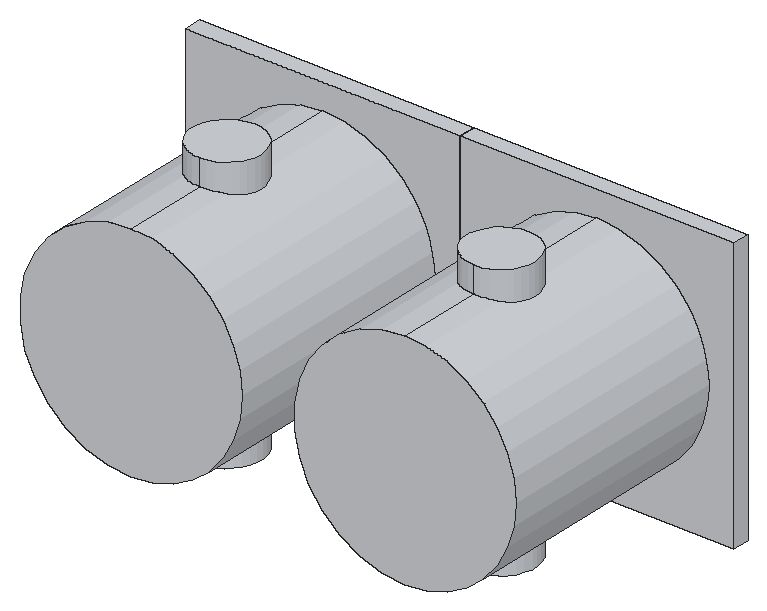
Revit family "EI_Steckdose_2fach_V1700", category Elektroinstallationen, Revit 2017
Family settings
  Beschriftungsausrichtung beibehalten = Nein
  Bemaßung runder Anschluss = Durchmesser verwenden
  Teiletyp = Normal
  OmniClass-Nummer = 23.80.50.11.17
  OmniClass-Titel = Ground Fault Receptacles
  Arbeitsebenenbasiert = Nein
  Immer vertikal = Ja
  Beim Laden mit Abzugskörper schneiden = Ja
  Gemeinsam genutzt = Nein
  Raumberechnungspunkt = Nein
Parameters (values of type "UFK")
  pbr_Material_KZ = ""
  pbr_Material = none
  pbr_E_Typ = ""
  pbr_E_KZ = ""
  pbr_DINBild = 0
  pbr_Bild = 0
  pbr_3Dx_Delta_Korrekturversatz [instance] = 0 mm
  pbr_3DX_Versatzfaktor [instance] = 0
  pbr_2DY_Versatzfaktor [instance] = 0
  pbr_2DX_Versatzfaktor [instance] = 0
  cpiFitMatchKey [instance] = "E-ST-2fach-1-UNT"
  Zentrale [instance] = ""
  Wirkleistung [instance] = 0 W
  UFK [instance] = yes
  Typ [instance] = ""
  Text3 [instance] = ""
  Text2 [instance] = ""
  Text1 [instance] = ""
  Steckdose 2-fach UFK = yes
  Steckdose 2-fach EDV schaltbar = no
  Steckdose 2-fach EDV UFK = no
  Steckdose 2-fach EDV BRK = no
  Steckdose 2-fach EDV = no
  Steckdose 2-fach BRK = no
  Steckdose 2-fach = no
  Spannung [instance] = 0
  Scheinleistung [instance] = 0 VA
  Schaltgruppe2 [instance] = 0
  Schaltgruppe1 [instance] = 0
  Polig [instance] = 1
  Planungsbüro Rohling = "www.pbr.de"
  Nennstrom [instance] = 0
  Menge(Dosenzahl) [instance] = 2
  Linie/Anschluss [instance] = ""
  Leistungsfaktor [instance] = 0
  Lastklassifizierung = none
  Installationsart [instance] = ""
  Info [instance] = ""
  Gleichzeitigkeitsfaktor3 [instance] = 0
  Gleichzeitigkeitsfaktor2 [instance] = 0
  Gleichzeitigkeitsfaktor1 [instance] = 0
  Gewerk [instance] = "Steck"
  Eckversatz [instance] = 0 mm
  YFrontversatz [instance] = if(pbr_2DY_Versatzfaktor = 300, 0 mm, pbr_2DY_Versatzfaktor * 300 mm)  # 0 mm
  XSeitenversatz [instance] = if(pbr_2DX_Versatzfaktor = 0, 3000 mm, 3000 mm + (pbr_2DX_Versatzfaktor * 300 mm)) + Eckversatz  # 3000 mm
  X3Dversatz [instance] = if([3DX_Versatzkontrolle] = 0, 2000 mm, 2000 mm + ([3DX_Versatzkontrolle] * (300 mm - 80 mm))) + pbr_3Dx_Delta_Korrekturversatz  # 2000 mm
  Steckdosenradius = 20 mm
  R_Leerrohranschluss = 10 mm
  Niveau [instance] = 300 mm
  Dosentiefe = 70 mm  # constant formula
  Dosenradius = 65 mm / 2  # 32.5 mm
  D_Leerrohranschluss = 2 * R_Leerrohranschluss  # 20 mm
  BRK [instance] = no
  Anlaufstrom [instance] = 0
  3DX_Versatzkontrolle [instance] = if(pbr_3DX_Versatzfaktor = 0, (pbr_2DX_Versatzfaktor * -1), (((-1 * pbr_3DX_Versatzfaktor) + pbr_2DX_Versatzfaktor) * -1))  # 0
  Platzierrahmen [instance] = no
Types (7, lengths in mm): name | UFK | Steckdose 2-fach UFK | Steckdose 2-fach EDV schaltbar | Steckdose 2-fach EDV UFK | Steckdose 2-fach EDV BRK | Steckdose 2-fach EDV | Steckdose 2-fach BRK | Steckdose 2-fach | BRK
  allgemein | no | no | no | no | no | no | no | yes | no
  BRK | no | no | no | no | no | no | yes | no | yes
  EDV | no | no | no | no | no | yes | no | no | no
  EDV_BRK | no | no | no | no | yes | no | no | no | yes
  EDV_schaltbar | no | no | yes | no | no | no | no | no | no
  EDV_UFK | yes | no | no | yes | no | no | no | no | no
  UFK | yes | yes | no | no | no | no | no | no | no
Reference planes
  plane 1 "Mitte (Vorne/Hinten)": y = 0
  plane 2: z = 0
  plane 3 "Mitte (Links/Rechts)": x = 0
  plane 4: x = -125
  plane 5: x = 125
  plane 6: y = 300
  plane 7 "Schalterhinten": y = 0
  plane 8: x = -3000
  plane 9: x = 0
  plane 10: x = -2000
  plane 11: x = -40
  plane 12 "3DSchalterMitte": x = 40
  plane 13: z = 340
  plane 14: z = 260
  plane 15 "SchalterVorne": y = 5
  plane 16 "3DSchalterLinks": x = 0
  plane 17: z = 300
  plane 18: y = -70
  plane 19: y = -35
  plane 20: x = 120
  plane 21 "3DSchalterRechts": x = 80
  plane 22: y = 181
Forms (mm)
  Extrusion 1, solid
    sketch origin (0, 20, 0) x (0, 0, 1) y (-1, 0, 0)
      loop
        line (260, 40) -> (260, -40) -> (340, -40) -> (340, 40) -> (260, 40)
    from 15 to 20
  Sweep 2, solid
    path origin (0, 0, 0) x (0, 0, 1) y (0, -1, 0)
      loop
        line (300, 0) -> (300, 70)
    profile origin (0, -35, 300) x (0, 0, -1) y (1, 0, 0)
      loop
        circle (0, 0) r 32.5
  Sweep 3, solid
    path origin (0, 0, 0) x (0, 0, 1) y (0, -1, 0)
      loop
        line (260, 35) -> (340, 35)
    profile origin (0, -35, 300) x (0, -1, 0) y (1, 0, 0)
      loop
        circle (0, 0) r 10
  Sweep 4, void
    path origin (0, -35, 300) x (0, -1, 0) y (1, 0, 0)
      loop
        line (-35, 0) -> (-40, 0)
    profile origin (0, 2.5, 300) x (-1, 0, 0) y (0, 0, 1)
      loop
        circle (0, 0) r 20
  Extrusion 5, solid
    sketch origin (80, 20, 0) x (0, 0, 1) y (-1, 0, 0)
      loop
        line (260, 40) -> (260, -40) -> (340, -40) -> (340, 40) -> (260, 40)
    from 15 to 20
  Sweep 6, solid
    path origin (80, 0, 0) x (0, 0, 1) y (0, -1, 0)
      loop
        line (300, 0) -> (300, 70)
    profile origin (80, -35, 300) x (0, 0, -1) y (1, 0, 0)
      loop
        circle (0, 0) r 32.5
  Sweep 7, solid
    path origin (80, 0, 0) x (0, 0, 1) y (0, -1, 0)
      loop
        line (260, 35) -> (340, 35)
    profile origin (80, -35, 300) x (0, -1, 0) y (1, 0, 0)
      loop
        circle (0, 0) r 10
  Sweep 8, void
    path origin (0, -35, 300) x (0, -1, 0) y (1, 0, 0)
      loop
        line (-35, 80) -> (-40, 80)
    profile origin (80, 2.5, 300) x (-1, 0, 0) y (0, 0, 1)
      loop
        circle (0, 0) r 20
Cuts and joins
  Sweep 4, Sweep 8 cuts Extrusion 1
  Sweep 8 cuts Sweep 2
  Sweep 8 cuts Sweep 3
  joined: Extrusion 1, Sweep 2, Sweep 3
  Sweep 8 cuts Extrusion 5
  Sweep 8 cuts Sweep 6
  joined: Extrusion 5, Sweep 6, Sweep 7
Lines and regions (mm)
  model lines, visible <- "Platzierrahmen"
    curve 1: line (-125, 0, 0) -> (125, 0, 0)
    curve 2: line (-125, 300, 0) -> (-125, 0, 0)
    curve 3: line (125, 300, 0) -> (-125, 300, 0)
    curve 4: line (125, 0, 0) -> (125, 300, 0)
Dimensions and locks
  plane 4 to plane 5 = 250 mm
  plane 6 to plane 7 "Schalterhinten" = 300 mm
  equal spacing: plane 4, plane 9, plane 5, locked at 125 each
  "XSeitenversatz": plane 8 to plane 9
  plane 8 to plane 3 "Mitte (Links/Rechts)" = 3000 mm
  "YFrontversatz": plane 1 "Mitte (Vorne/Hinten)" to plane 7 "Schalterhinten"
  plane 13 to plane 14 = 80 mm
  plane 9 to plane 10 = 2000 mm
  equal spacing: plane 20, plane 21 "3DSchalterRechts", plane 12 "3DSchalterMitte", plane 16 "3DSchalterLinks", plane 11
  "X3Dversatz": plane 16 "3DSchalterLinks" to plane 10
  equal spacing: plane 13, plane 17, plane 14
  "Niveau": plane 17 to level
  "Dosentiefe": plane 1 "Mitte (Vorne/Hinten)" to plane 18
  plane 15 "SchalterVorne" to plane 1 "Mitte (Vorne/Hinten)" = 5 mm
  equal spacing: plane 18, plane 19, plane 1 "Mitte (Vorne/Hinten)"
  plane 13 to Sweep 4 sketch curve = 40 mm
  plane 20 to plane 11 = 160 mm
  locked: plane 6 to plane 22 at 119
  "Dosenradius": radius of Sweep 2 sketch curve
  "R_Leerrohranschluss": radius of Sweep 3 sketch curve
  "Steckdosenradius": radius of Sweep 4 sketch curve
  "Dosenradius": radius of Sweep 6 sketch curve
  "R_Leerrohranschluss": radius of Sweep 7 sketch curve
  "Steckdosenradius": radius of Sweep 8 sketch curve
  aligned and locked: level to plane 2
  aligned and locked: curve 2 to plane 4
  aligned and locked: curve 3 to plane 6
  aligned and locked: plane 5 to curve 4
  aligned and locked: plane 14 to Extrusion 1 sketch curve
  aligned and locked: Extrusion 1 sketch curve to plane 11
  aligned and locked: Extrusion 1 sketch curve to plane 13
  aligned and locked: plane 12 "3DSchalterMitte" to Extrusion 1 sketch curve
  aligned and locked: plane 1 "Mitte (Vorne/Hinten)" to Extrusion 1
  aligned and locked: Extrusion 1 to plane 15 "SchalterVorne"
  aligned and locked: plane 16 "3DSchalterLinks" to Sweep 4 sketch curve
  aligned and locked: Sweep 4 sketch curve to cut or joined group of Extrusion 1, Sweep 2, Sweep 3, Sweep 4, Sweep 8
  aligned and locked: plane 20 to Extrusion 5 sketch curve
  aligned and locked: nested 1 to plane 9
  aligned and locked: nested 1 to plane 7 "Schalterhinten"
  aligned and locked: nested 2 to plane 9
  aligned and locked: nested 2 to plane 7 "Schalterhinten"
  aligned and locked: nested 3 to plane 9
  aligned and locked: nested 3 to plane 7 "Schalterhinten"
  aligned and locked: nested 4 to plane 9
  aligned and locked: nested 4 to plane 7 "Schalterhinten"
  aligned and locked: nested 5 to plane 9
  aligned and locked: nested 5 to plane 7 "Schalterhinten"
  aligned and locked: nested 6 to plane 9
  aligned and locked: nested 6 to plane 7 "Schalterhinten"
  aligned and locked: nested 7 to plane 7 "Schalterhinten"
  aligned and locked: nested 7 to plane 9
  aligned and locked: plane 22 to nested 8
  aligned and locked: nested 8 to plane 9
  aligned and locked: plane 22 to nested 9
  aligned and locked: nested 9 to plane 9
Automatic sketch dimensions
  Sweep 3 sketch curve to plane 14 = 0 mm
  plane 13 to Sweep 3 sketch curve = 0 mm
  Sweep 3 sketch curve to plane 19 = 0 mm
  Sweep 3 sketch curve to plane 16 "3DSchalterLinks" = 0 mm
  Sweep 3 sketch curve to profile plane = 0 mm
  Extrusion 5 sketch curve to plane 14 = 0 mm
  Extrusion 5 sketch curve to plane 12 "3DSchalterMitte" = 0 mm
  Extrusion 5 sketch curve to plane 13 = 0 mm
  Sweep 7 sketch curve to profile plane = 0 mm  (x2)
  Sweep 7 sketch curve to plane 14 = 0 mm
  plane 13 to Sweep 7 sketch curve = 0 mm
  Sweep 7 sketch curve to plane 19 = 0 mm
  Sweep 2 sketch curve to plane 17 = 0 mm
  Sweep 2 sketch curve to plane 1 "Mitte (Vorne/Hinten)" = 0 mm
  Sweep 2 sketch curve to plane 18 = 0 mm
  Sweep 2 sketch curve to plane 16 "3DSchalterLinks" = 0 mm
  Sweep 2 sketch curve to profile plane = 0 mm
  plane 1 "Mitte (Vorne/Hinten)" to Sweep 4 sketch curve = 0 mm
  Sweep 6 sketch curve to plane 17 = 0 mm
  Sweep 6 sketch curve to plane 1 "Mitte (Vorne/Hinten)" = 0 mm
  Sweep 6 sketch curve to plane 18 = 0 mm
  Sweep 6 sketch curve to profile plane = 0 mm  (x2)
  plane 15 "SchalterVorne" to Sweep 8 sketch curve = 0 mm
  plane 1 "Mitte (Vorne/Hinten)" to Sweep 8 sketch curve = 0 mm
  Sweep 8 sketch curve to plane 21 "3DSchalterRechts" = 0 mm
  plane 7 "Schalterhinten" to curve 1 = 0 mm
  Sweep 4 sketch curve to profile plane = 0 mm
  Sweep 8 sketch curve to profile plane = 0 mm  (x2)
Nested families
  nested 1: "Steckdose 2-fach BRK" at (0, 0, 0), visible <- "Steckdose 2-fach BRK", type "Steckdose 2-fach BRK"
  nested 2: "Steckdose 2-fach EDV" at (0, 0, 0), visible <- "Steckdose 2-fach EDV", type "Steckdose 2-fach EDV"
  nested 3: "Steckdose 2-fach EDV BRK" at (0, 0, 0), visible <- "Steckdose 2-fach EDV BRK", type "Steckdose 2-fach EDV BRK"
  nested 4: "Steckdose 2-fach EDV schaltbar" at (0, 0, 0), visible <- "Steckdose 2-fach EDV schaltbar", type "Steckdose 2-fach EDV schaltbar"
  nested 5: "Steckdose 2-fach EDV UFK" at (0, 0, 0), visible <- "Steckdose 2-fach EDV UFK", type "Steckdose 2-fach EDV UFK"
  nested 6: "Steckdose 2-fach UFK" at (0, 0, 0), visible <- "Steckdose 2-fach UFK", type "Steckdose 2-fach UFK"
  nested 7: "Steckdose 2-fach" at (0, 0, 0), visible <- "Steckdose 2-fach", type "Steckdose 2-fach"
  nested 8: "BRK-zy" at (0, 181, 0), visible <- "BRK", type "BRK-zy"
  nested 9: "UFK" at (0, 181, 0), visible <- "UFK", type "UFK"
Connectors
  electrical at (0, -35, 340)
    settings: on cut or joined group of Extrusion 1, Sweep 2, Sweep 3, Sweep 4, Sweep 8, index 1, voltage 230 V, apparent load 0 VA, apparent load phase1 200 VA, apparent load phase2 0 VA, apparent load phase3 0 VA, power factor 1, load classification "Steckdose", number of poles 1, system type 30, power factor state 1, is connector primary yes, connector utility no, sub classification motor no, connector description ""
  cabletrayconduit at (0, -35, 340), diameter 20, driven by "D_Leerrohranschluss"
    settings: on cut or joined group of Extrusion 1, Sweep 2, Sweep 3, Sweep 4, Sweep 8, index 2, connector width 300 mm, connector height 300 mm, connector angle 0.00°, system type 32, placement type 0, profile type 0, connector reference index -1, is primary connector yes, connector utility param no, connector description ""
  cabletrayconduit at (0, -35, 260), diameter 20, driven by "D_Leerrohranschluss"
    settings: on cut or joined group of Extrusion 1, Sweep 2, Sweep 3, Sweep 4, Sweep 8, index 3, connector width 300 mm, connector height 300 mm, connector angle 0.00°, system type 32, placement type 0, profile type 0, connector reference index -1, is primary connector no, connector utility param no, connector description ""
  cabletrayconduit at (0, -35, 340), diameter 20, driven by "D_Leerrohranschluss"
    settings: on cut or joined group of Extrusion 1, Sweep 2, Sweep 3, Sweep 4, Sweep 8, index 4, connector width 300 mm, connector height 300 mm, connector angle 0.00°, system type 32, placement type 0, profile type 0, connector reference index -1, is primary connector no, connector utility param no, connector description ""
  cabletrayconduit at (0, -35, 260), diameter 20, driven by "D_Leerrohranschluss"
    settings: on cut or joined group of Extrusion 1, Sweep 2, Sweep 3, Sweep 4, Sweep 8, index 5, connector width 300 mm, connector height 300 mm, connector angle 0.00°, system type 32, placement type 0, profile type 0, connector reference index -1, is primary connector no, connector utility param no, connector description ""
Definition of nested family "Steckdose 2-fach BRK"
  Reference planes
    plane 1 "Mitte (Vorne/Hinten)": y = 0
    plane 2: z = 0
    plane 3 "Mitte (Links/Rechts)": x = 0
  Lines and regions (mm)
    detail lines, in view "Referenzebene"
      curve 1: arc (0, 300, 0) -> (108, 181.913, 0) -> (216, 300, 0) r 108.431
      curve 2: arc (-216, 300, 0) -> (-108, 181.913, 0) -> (0, 300, 0) r 108.431
      curve 3: line (216, 181.923, 0) -> (0, 181.923, 0)
      curve 4: line (0, 181.923, 0) -> (0, 0, 0)
      curve 5: line (-216, 181.923, 0) -> (0, 181.923, 0)
Definition of nested family "Steckdose 2-fach EDV"
  Reference planes
    plane 1 "Mitte (Vorne/Hinten)": y = 0
    plane 2: z = 0
    plane 3 "Mitte (Links/Rechts)": x = 0
  Lines and regions (mm)
    Filled region 1, type "Flächenfüllung Schwarz", in view "Referenzebene"
      outline origin (0, 0, 0) x (1, 0, 0) y (0, 1, 0)
        loop
          circle (-110, 236.904) r 40.025
        loop
          circle (110, 236.904) r 39.978
    detail lines, in view "Referenzebene"
      curve 1: arc (0, 300, 0) -> (108, 181.913, 0) -> (216, 300, 0) r 108.431
      curve 2: arc (-216, 300, 0) -> (-108, 181.913, 0) -> (0, 300, 0) r 108.431
      curve 3: line (216, 181.923, 0) -> (0, 181.923, 0)
      curve 4: line (0, 181.923, 0) -> (0, 0, 0)
      curve 5: line (-216, 181.923, 0) -> (0, 181.923, 0)
Definition of nested family "Steckdose 2-fach EDV BRK"
  Reference planes
    plane 1 "Mitte (Vorne/Hinten)": y = 0
    plane 2: z = 0
    plane 3 "Mitte (Links/Rechts)": x = 0
  Lines and regions (mm)
    Filled region 1, type "Flächenfüllung Schwarz", in view "Referenzebene"
      outline origin (0, 0, 0) x (1, 0, 0) y (0, 1, 0)
        loop
          circle (110, 231.904) r 40.015
        loop
          circle (-110, 231.904) r 40.015
    detail lines, in view "Referenzebene"
      curve 1: arc (0, 300, 0) -> (108, 181.913, 0) -> (216, 300, 0) r 108.431
      curve 2: arc (-216, 300, 0) -> (-108, 181.913, 0) -> (0, 300, 0) r 108.431
      curve 3: line (216, 181.923, 0) -> (0, 181.923, 0)
      curve 4: line (0, 181.923, 0) -> (0, 0, 0)
      curve 5: line (-216, 181.923, 0) -> (0, 181.923, 0)
Definition of nested family "Steckdose 2-fach EDV schaltbar"
  Reference planes
    plane 1 "Mitte (Vorne/Hinten)": y = 0
    plane 2: z = 0
    plane 3 "Mitte (Links/Rechts)": x = 0
  Lines and regions (mm)
    Filled region 1, type "Flächenfüllung Schwarz", in view "Referenzebene"
      outline origin (0, 0, 0) x (1, 0, 0) y (0, 1, 0)
        loop
          circle (-110, 236.904) r 40.025
        loop
          circle (110, 236.904) r 40.025
    detail lines, in view "Referenzebene"
      curve 1: arc (0, 300, 0) -> (108, 181.913, 0) -> (216, 300, 0) r 108.431
      curve 2: arc (-216, 300, 0) -> (-108, 181.913, 0) -> (0, 300, 0) r 108.431
      curve 3: line (216, 181.923, 0) -> (0, 181.923, 0)
      curve 4: line (0, 181.923, 0) -> (0, 0, 0)
      curve 5: line (-216, 181.923, 0) -> (0, 181.923, 0)
      curve 6: line (0, 181.923, 0) -> (-109.311, 0, 0)
      curve 7: line (-109.311, 0, 0) -> (-172.95, 63.64, 0)
Definition of nested family "Steckdose 2-fach EDV UFK"
  Reference planes
    plane 1 "Mitte (Vorne/Hinten)": y = 0
    plane 2: z = 0
    plane 3 "Mitte (Links/Rechts)": x = 0
  Lines and regions (mm)
    Filled region 1, type "Flächenfüllung Schwarz", in view "Referenzebene"
      outline origin (0, 0, 0) x (1, 0, 0) y (0, 1, 0)
        loop
          circle (110, 236.904) r 40
        loop
          circle (-110, 236.904) r 40
    detail lines, in view "Referenzebene"
      curve 1: arc (0, 300, 0) -> (108, 181.913, 0) -> (216, 300, 0) r 108.431
      curve 2: arc (-216, 300, 0) -> (-108, 181.913, 0) -> (0, 300, 0) r 108.431
      curve 3: line (216, 181.923, 0) -> (0, 181.923, 0)
      curve 4: line (0, 181.923, 0) -> (0, 0, 0)
      curve 5: line (-216, 181.923, 0) -> (0, 181.923, 0)
Definition of nested family "Steckdose 2-fach UFK"
  Reference planes
    plane 1 "Mitte (Vorne/Hinten)": y = 0
    plane 2: z = 0
    plane 3 "Mitte (Links/Rechts)": x = 0
  Lines and regions (mm)
    detail lines, in view "Referenzebene"
      curve 1: arc (0, 300, 0) -> (108, 181.913, 0) -> (216, 300, 0) r 108.431
      curve 2: arc (-216, 300, 0) -> (-108, 181.913, 0) -> (0, 300, 0) r 108.431
      curve 3: line (216, 181.923, 0) -> (0, 181.923, 0)
      curve 4: line (0, 181.923, 0) -> (0, 0, 0)
      curve 5: line (-216, 181.923, 0) -> (0, 181.923, 0)
Definition of nested family "Steckdose 2-fach"
  Reference planes
    plane 1 "Mitte (Vorne/Hinten)": y = 0
    plane 2: z = 0
    plane 3 "Mitte (Links/Rechts)": x = 0
  Lines and regions (mm)
    detail lines, in view "Referenzebene"
      curve 1: arc (0, 300, 0) -> (108, 181.913, 0) -> (216, 300, 0) r 108.431
      curve 2: arc (-216, 300, 0) -> (-108, 181.913, 0) -> (0, 300, 0) r 108.431
      curve 3: line (216, 181.923, 0) -> (0, 181.923, 0)
      curve 4: line (0, 181.923, 0) -> (0, 0, 0)
      curve 5: line (-216, 181.923, 0) -> (0, 181.923, 0)
Definition of nested family "BRK-zy"
  Reference planes
    plane 1 "Mitte (Vorne/Hinten)": y = 0
    plane 2: z = 0
    plane 3 "Mitte (Links/Rechts)": x = 0
  Lines and regions (mm)
    Filled region 1, type "Beton", in view "Referenzebene"
      outline origin (539.15, -158.575, 0) x (1, 0, 0) y (0, 1, 0)
        loop
          line (-638.04, 266.989) -> (-679.15, 266.989) -> (-679.15, 158.574) -> (-636.316, 158.574)
          spline (-636.316, 158.574) -> (-626.443, 159.267) -> (-617.971, 161.014) -> (-610.613, 164.279) -> (-606.012, 167.95) -> (-602.271, 172.689) -> (-599.32, 178.439) -> (-597.676, 185.155) -> (-597.459, 192.969) -> (-599.449, 201.042) -> (-604.127, 208.289) -> (-610.999, 213.484) -> (-617.681, 216.267)
          line (-617.681, 216.267) -> (-615.846, 217.243)
          spline (-615.846, 217.243) -> (-609.205, 222.214) -> (-605.4, 227.651) -> (-603.344, 233.155) -> (-602.636, 238.364) -> (-602.9, 243.186) -> (-603.939, 247.729) -> (-606.044, 252.309) -> (-609.139, 256.732) -> (-612.692, 260.237) -> (-617.076, 263.006) -> (-623.895, 265.483) -> (-638.04, 266.989)
        loop
          spline (-639.726, 221.457) -> (-630.222, 222.068) -> (-624.194, 223.986) -> (-620.343, 226.832) -> (-617.917, 230.087) -> (-616.735, 234.29) -> (-616.741, 239.406) -> (-617.907, 244.45) -> (-620.283, 248.699) -> (-623.991, 251.689) -> (-629.277, 253.374) -> (-636.36, 254.063) -> (-642.321, 254.177)
          line (-642.321, 254.177) -> (-664.789, 254.177) -> (-664.789, 221.457) -> (-639.726, 221.457)
        loop
          line (-638.674, 208.641) -> (-664.895, 208.641) -> (-664.895, 170.848) -> (-637.406, 170.848)
          spline (-637.406, 170.848) -> (-627.776, 171.794) -> (-621.65, 173.798) -> (-617.559, 176.472) -> (-614.522, 180.469) -> (-612.377, 185.516) -> (-612.088, 190.343) -> (-612.596, 194.957) -> (-614.808, 200.028) -> (-618.382, 204.115) -> (-622.557, 206.293) -> (-628.787, 207.83) -> (-638.674, 208.641)
        loop
          line (-529.551, 266.973) -> (-578.398, 266.973) -> (-578.398, 158.608) -> (-564.066, 158.608) -> (-564.066, 206.696) -> (-546.23, 206.696)
          spline (-546.23, 206.696) -> (-542.191, 206.527) -> (-539.274, 206.111) -> (-537.247, 205.585) -> (-535.877, 205.087) -> (-534.938, 204.695) -> (-534.214, 204.325) -> (-533.493, 203.862) -> (-532.563, 203.192) -> (-531.264, 202.178) -> (-529.555, 200.626) -> (-527.414, 198.338) -> (-524.816, 195.112)
          line (-524.816, 195.112) -> (-500.934, 158.577) -> (-482.891, 158.577) -> (-503.364, 190.735)
          spline (-503.364, 190.735) -> (-505.698, 193.612) -> (-507.539, 195.86) -> (-508.99, 197.598) -> (-510.154, 198.947) -> (-511.136, 200.025) -> (-512.039, 200.952) -> (-512.967, 201.843) -> (-514.039, 202.771) -> (-515.38, 203.79) -> (-517.113, 204.948) -> (-519.363, 206.298) -> (-522.255, 207.89)
          line (-522.255, 207.89) -> (-517.893, 208.581)
          spline (-517.893, 208.581) -> (-507.849, 211.731) -> (-500.623, 216.482) -> (-495.789, 222.528) -> (-492.986, 229.331) -> (-491.884, 236.223) -> (-492.205, 242.682) -> (-493.829, 248.65) -> (-496.671, 254.157) -> (-500.736, 259.042) -> (-506.15, 262.907) -> (-514.311, 265.505) -> (-529.551, 266.973)
        loop
          line (-529.897, 255.069) -> (-564.066, 255.069) -> (-564.066, 219.325) -> (-529.066, 219.325)
          spline (-529.066, 219.325) -> (-520.275, 220.284) -> (-515.034, 222.484) -> (-511.481, 225.117) -> (-509.013, 228.173) -> (-507.352, 231.791) -> (-506.482, 235.802) -> (-506.506, 239.893) -> (-507.557, 243.86) -> (-509.811, 247.662) -> (-513.523, 251.217) -> (-519.726, 253.966) -> (-529.897, 255.069)
        loop
          line (-456.682, 267.004) -> (-471.06, 267.004) -> (-471.06, 158.59) -> (-456.682, 158.59) -> (-456.682, 196.142) -> (-438.905, 213.442) -> (-400.297, 158.575) -> (-381.383, 158.575) -> (-428.872, 223.042) -> (-383.36, 266.992) -> (-402.775, 266.992) -> (-456.682, 213.085) -> (-456.682, 267.004)
    detail lines, in view "Referenzebene"
      curve 1: line (-24.916, 96.493, 0) -> (-24.916, 60.749, 0)
Definition of nested family "UFK"
  Reference planes
    plane 1 "Mitte (Vorne/Hinten)": y = 0
    plane 2: z = 0
    plane 3 "Mitte (Links/Rechts)": x = 0
  Lines and regions (mm)
    Filled region 1, type "Beton", in view "Referenzebene"
      outline origin (439.043, -708.358, 0) x (1, 0, 0) y (0, 1, 0)
        loop
          line (-479.713, 828.704) -> (-479.713, 708.358) -> (-464.043, 708.358) -> (-464.043, 764.158) -> (-408.58, 764.158) -> (-408.58, 778.049) -> (-464.043, 778.049) -> (-464.043, 814.747) -> (-399.9, 814.747) -> (-399.9, 828.704) -> (-479.713, 828.704)
        loop
          line (-366.002, 828.704) -> (-384.463, 828.704) -> (-384.463, 708.358) -> (-366.002, 708.358) -> (-366.002, 751.381) -> (-346.514, 770.2) -> (-303.212, 708.358) -> (-283.212, 708.358) -> (-335.573, 780.766) -> (-285.932, 828.704) -> (-307.073, 828.704) -> (-366.002, 769.775) -> (-366.002, 828.704)
        loop
          line (-582.609, 828.704) -> (-598.269, 828.704) -> (-598.269, 764.158)
          spline (-598.269, 764.158) -> (-595.279, 734.887) -> (-587.263, 721.01) -> (-579.125, 714.285) -> (-570.883, 710.856) -> (-560.782, 708.909) -> (-549.303, 708.266) -> (-537.956, 709.506) -> (-527.694, 712.819) -> (-519.135, 718.227) -> (-512.38, 726.139) -> (-507.336, 738.101) -> (-505.239, 762.397)
          line (-505.239, 762.397) -> (-505.239, 828.704) -> (-520.239, 828.704) -> (-520.239, 768.704)
          spline (-520.239, 768.704) -> (-523.252, 739.877) -> (-529.81, 728.792) -> (-536.358, 725.028) -> (-542.513, 723.17) -> (-550.315, 722.421) -> (-558.636, 722.79) -> (-565.777, 724.492) -> (-572.051, 727.597) -> (-577.438, 732.766) -> (-580.996, 741.573) -> (-582.394, 755.323) -> (-582.609, 774.672)
          line (-582.609, 774.672) -> (-582.609, 828.704)
    detail lines, in view "Referenzebene"
      curve 1: line (-25, 106.389, 0) -> (-25, 69.691, 0)
